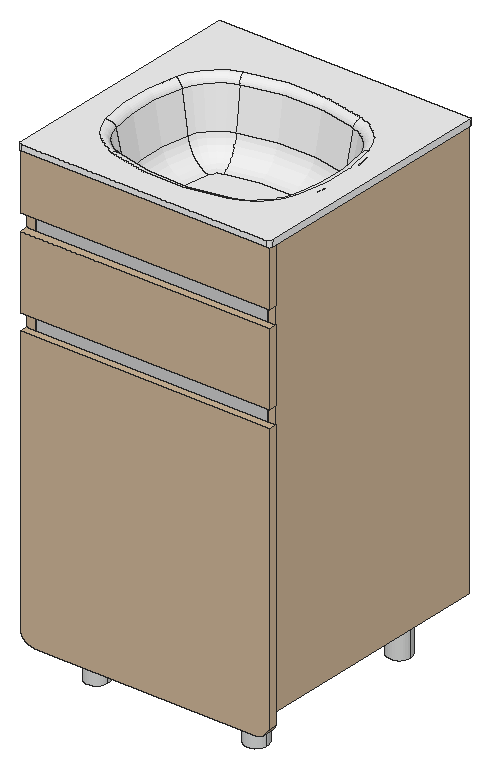
Revit family "604281711_Mueble Aluvia Miel 45X45", category Plumbing Fixtures, Revit 2019
Family settings
  Round Connector Dimension = Use Diameter
  Part Type = Normal
  OmniClass Number = 23.31.13.11
  OmniClass Title = Single Sinks
  Work Plane-Based = Yes
  Always vertical = Yes
  Cut with Voids When Loaded = No
  Shared = No
  Room Calculation Point = No
Parameters (values of type "Ref. 604281711 Mueble Aluvia Miel Con Lavamanos")
  Resistencia al rayado = "700 ciclos"  # constant formula
  Resistencia a la humedad = "8%"  # constant formula
  Profundidad = 430 mm
  Pieza en U = Corona_Poliestrieno_Gris
  Peso Neto aprox = "41 lb (18,6 kg)."  # constant formula
  Peso Bruto aprox = "43,4 lb (19,69 kg)."  # constant formula
  Garantia Madera = "1 año"  # constant formula
  URL = "https://corona.co/productos/muebles-para-banos/mueble-aluvia-a-piso/p/604281711"
  Dimensiones Generales (H * W * P) = "33,46” x 17,51” x 17,51” (850 x 445 x 445 mm)."  # constant formula
  Model = "Mueble aluvia miel LVM 45X45"  # constant formula
  Material Lavamanos = Corona_Cerámica_Sinterizada
  Manufacturer = "Corona"  # constant formula
  Material madera interior = Corona_Madera_Aglomerada_Plomo
  Material = Corona_Madera_Aglomerada_Miel
  Description = "La línea ALUVIA viene a entregar de manera asequible una solución perfecta que combina\r\ndiseño y funcionalidad, ALUVIA se inspira en el movimiento y caída del agua en la\r\nnaturaleza, es por ello de sus formas orgánicas donde podemos obtener un producto\r\ncompacto y de líneas fluidas, que se adapta en espacios pequeños.\r\nel pricipal benefico de los muebles de esta linea es ser un producto compacto que cuenta\r\ncon cajón y repisa brindándole al consumidor mayor capacidad de almacenamiento, como\r\nuna excelente solución para aquellos espacios pequeños.\r\n· Mueble compacto para espacios pequeños.\r\n· Lavamanos 100% en porcelana.\r\n· Grán capacidad de almacenamiento."  # constant formula
  Densidad = "15 mms 670 kg./m^3."  # constant formula
  Default Elevation = 1219.2 mm
  Date created = "08/07/2020"  # constant formula
  Created by = "IDD"  # constant formula
  Garantia Herrajes = "1 año"  # constant formula
  Carga máxima = "99,2 lb (45 kg)."  # constant formula
  Canto = "PVC rígido 2 mm de calibre."  # constant formula
  Patas = Corona_Acero
  Ancho = 445 mm
  Alto = 850 mm
Types (3, lengths in mm): name | Profundidad | URL | Material
  (no name) | 430 | "https://corona.co/productos/muebles-para-banos/mueble-aluvia-a-piso/p/604281711" | Corona_Madera_Aglomerada_Miel
  Ref. 604281711 Mueble Aluvia Miel Con Lavamanos | 430 | "https://corona.co/productos/muebles-para-banos/mueble-aluvia-a-piso/p/604281711" | Corona_Madera_Aglomerada_Miel
  Ref. 604286091 Mueble Aluvia Habano Con Lavamanos | 440 | 0 | Corona_Madera_Aglomerada_Habano
Reference planes
  plane 1 "Center (Front/Back)": y = 0
  plane 2: z = 0
  plane 3 "Center (Left/Right)": x = 0
  plane 4: x = -222.5
  plane 5: x = 222.5
  plane 6: y = -430
  plane 7: z = 719
  plane 8: z = 749
  plane 9: z = 850
  plane 10: z = 589
  plane 11: z = 559
  plane 12: z = 115
  plane 13: z = 100
  plane 14: y = -15
  plane 15: y = -445
  plane 16: x = 207.5
  plane 17: x = -207.5
  plane 18: z = 315
  plane 19: z = 485
  plane 20: z = 695.425
  plane 21: z = 594
  plane 22: z = 98
  plane 23: z = 59
  plane 24: x = -55
  plane 25: x = -207.5
  plane 26: x = 55
  plane 27: x = 169.5
  plane 28: y = -85
  plane 29: y = -100
  plane 30: x = -149.5
  plane 31: z = 609
  plane 32: z = 798.425
  plane 33: z = 470
  plane 34: z = 500
  plane 35: x = -169.5
  plane 36: x = 149.5
Forms (mm)
  Extrusion 1, solid, material "Corona_Madera_Aglomerada_Miel" <- "Material", detail levels medium+fine
    sketch origin (0, 0, 0) x (1, 0, 0) y (0, 1, 0)
      loop
        line (-222.5, 0) -> (-222.5, -430) -> (222.5, -430) -> (222.5, 0) -> (-222.5, 0)
    from 100 to 850
  Extrusion 2, void, detail levels medium+fine
    sketch origin (0, 0, 0) x (1, 0, 0) y (0, 1, 0)
      loop
        line (-207.5, 0) -> (-207.5, -430) -> (207.5, -430) -> (207.5, 0) -> (-207.5, 0)
    from 115 to 850
  Extrusion 3, solid, material "Corona_Madera_Aglomerada_Miel" <- "Material"
    sketch origin (0, 0, 0) x (1, 0, 0) y (0, 1, 0)
      loop
        line (222.5, -445) -> (222.5, -430) -> (-222.5, -430) -> (-222.5, -445) -> (222.5, -445)
    from 749 to 850
  Extrusion 4, solid, material "Corona_Madera_Aglomerada_Miel" <- "Material"
    sketch origin (0, 0, 0) x (1, 0, 0) y (0, 1, 0)
      loop
        line (-222.5, -430) -> (-222.5, -445) -> (222.5, -445) -> (222.5, -430) -> (-222.5, -430)
    from 589 to 719
  Extrusion 5, solid, material "Corona_Madera_Aglomerada_Miel" <- "Material"
    sketch origin (0, 0, 5) x (0, 1, 0) y (0, 0, 1)
      loop
        line (-15, 310) -> (-15, 325) -> (-420, 325) -> (-420, 310) -> (-15, 310)
    from -207.5 to 207.5
  Extrusion 6, solid, material "Corona_Madera_Aglomerada_Plomo" <- "Material madera interior"
    sketch origin (0, 5, 0) x (0, 1, 0) y (0, 0, 1)
      loop
        line (-435, 589) -> (-435, 485) -> (-425, 485) -> (-425, 589) -> (-435, 589)
    from -207.5 to 207.5
  Extrusion 7, solid, material "Corona_Madera_Aglomerada_Plomo" <- "Material madera interior"
    sketch origin (0, 20.2, 209.8) x (0, 1, 0) y (0, 0, 1)
      loop
        line (-450.2, 588.625) -> (-450.2, 485.625) -> (-440.2, 485.625) -> (-440.2, 588.625) -> (-450.2, 588.625)
    from -207.5 to 207.5
  Extrusion 8, solid, material "Corona_Madera_Aglomerada_Miel" <- "Material"
    sketch origin (0, 0, 0) x (0, 1, 0) y (0, 0, 1)
      loop
        line (-85, 609) -> (-430, 609) -> (-430, 594) -> (-85, 594) -> (-85, 609)
    from -169.5 to 169.5
  Extrusion 9, void
    sketch origin (0, 0, 0) x (1, 0, 0) y (0, 1, 0)
      loop
        line (-53, -85) -> (-53, -296.29)
        arc (-53, -296.29) -> (0, -349.29) -> (53, -296.29) r 53
        line (53, -296.29) -> (53, -85) -> (-53, -85)
    from 594 to 734.611
  Extrusion 10, solid, material "Corona_Acero" <- "Patas"
    sketch origin (0, 0, 0) x (1, 0, 0) y (0, 1, 0)
      loop
        line (-172.5, -25) -> (-172.5, -85) -> (-112.5, -85) -> (-112.5, -25) -> (-172.5, -25)
      loop
        line (-172.5, -405) -> (-112.5, -405) -> (-112.5, -345) -> (-172.5, -345) -> (-172.5, -405)
      loop
        line (172.5, -25) -> (112.5, -25) -> (112.5, -85) -> (172.5, -85) -> (172.5, -25)
      loop
        line (172.5, -405) -> (172.5, -345) -> (112.5, -345) -> (112.5, -405) -> (172.5, -405)
    from 98 to 100
  Extrusion 11, solid, material "Corona_Acero" <- "Patas"
    sketch origin (0, 0, 0) x (1, 0, 0) y (0, 1, 0)
      loop
        circle (-142.5, -55) r 20
      loop
        circle (-142.5, -375) r 20
      loop
        circle (142.5, -55) r 20
      loop
        circle (142.5, -375) r 20
    from 0 to 98
  Extrusion 12, solid, material "Corona_Madera_Aglomerada_Miel" <- "Material"
    sketch origin (0, 0, 0) x (1, 0, 0) y (0, 0, 1)
      loop
        line (222.5, 559) -> (-222.5, 559) -> (-222.5, 77.727)
        arc (-222.5, 77.727) -> (-212.63, 64.853) -> (-197.5, 59) r 30
        line (-197.5, 59) -> (197.5, 59)
        arc (197.5, 59) -> (212.63, 64.853) -> (222.5, 77.727) r 30
        line (222.5, 77.727) -> (222.5, 559)
    from 430 to 445
  Extrusion 13, solid, material "Corona_Madera_Aglomerada_Miel" <- "Material"
    sketch origin (0, 0, -130.4) x (0, 1, 0) y (0, 0, 1)
      loop
        line (-330, 615.4) -> (-430, 615.4) -> (-430, 600.4) -> (-330, 600.4) -> (-330, 615.4)
    from -207.5 to 207.5
  Extrusion 14, solid, material "Corona_Madera_Aglomerada_Miel" <- "Material"
    sketch origin (-331.024, 9.8, 44.8) x (0, 1, 0) y (0, 0, 1)
      loop
        line (-94.8, 650.625) -> (-439.8, 650.625) -> (-439.8, 564.2) -> (-94.8, 564.2) -> (-94.8, 650.625)
    from 161.524 to 176.524
  Extrusion 15, solid, material "Corona_Madera_Aglomerada_Miel" <- "Material", detail levels coarse
    sketch origin (0, 0, 0) x (1, 0, 0) y (0, 1, 0)
      loop
        line (-222.5, -445) -> (222.5, -445) -> (222.5, 0) -> (-222.5, 0) -> (-222.5, -445)
    from 0 to 860
  Extrusion 16, solid, material "Corona_Madera_Aglomerada_Miel" <- "Material"
    sketch origin (331.024, 9.8, 44.8) x (0, 1, 0) y (0, 0, -1)
      loop
        line (-94.8, -650.625) -> (-94.8, -564.2) -> (-439.8, -564.2) -> (-439.8, -650.625) -> (-94.8, -650.625)
    from 161.524 to 176.524
  Extrusion 17, solid, material "Corona_Madera_Aglomerada_Miel" <- "Material"
    sketch origin (305.824, 9.8, 44.6) x (0, 1, 0) y (0, 0, -1)
      loop
        line (-94.8, -650.825) -> (-94.8, -564.4) -> (-109.8, -564.4) -> (-109.8, -650.825) -> (-94.8, -650.825)
    from 151.324 to 250.824
  Extrusion 18, solid, material "Corona_Madera_Aglomerada_Miel" <- "Material"
    sketch origin (-313.824, 9.8, 44.6) x (0, 1, 0) y (0, 0, 1)
      loop
        line (-94.8, 650.825) -> (-109.8, 650.825) -> (-109.8, 564.4) -> (-94.8, 564.4) -> (-94.8, 650.825)
    from 159.324 to 258.824
  Extrusion 19, solid, material "Corona_Poliestrieno_Gris" <- "Pieza en U"
    sketch origin (0, 0, 0) x (1, 0, 0) y (0, 1, 0)
      loop
        line (-53, -85) -> (-55, -85) -> (-55, -296.29)
        arc (-55, -296.29) -> (0, -351.29) -> (55, -296.29) r 55
        line (55, -296.29) -> (55, -85) -> (53, -85) -> (53, -296.29)
        arc (53, -296.29) -> (0, -349.29) -> (-53, -296.29) r 53
        line (-53, -296.29) -> (-53, -85)
    from 609 to 695.425
Cuts and joins
  Extrusion 2, Extrusion 9 cuts Extrusion 1
  Extrusion 9 cuts Extrusion 5
  Extrusion 9 cuts Extrusion 8
Dimensions and locks
  equal spacing: plane 4, plane 3 "Center (Left/Right)", plane 5
  plane 15 to plane 1 "Center (Front/Back)" = 445 mm  (x2)
  "Ancho": plane 4 to plane 5
  plane 13 to plane 12 = 15 mm
  Extrusion 13 to plane 12 = 355 mm
  level to plane 13 = 100 mm
  level to plane 23 = 59 mm
  plane 12 to plane 18 = 200 mm
  plane 15 to plane 6 = 15 mm  (x2)
  plane 4 to plane 17 = 15 mm
  plane 13 to level = 100 mm  (x2)
  plane 18 to plane 12 = 200 mm  (x2)
  plane 12 to Extrusion 13 = 355 mm
  plane 9 to plane 8 = 101 mm
  plane 8 to plane 7 = 30 mm
  plane 10 to plane 7 = 130 mm
  plane 10 to plane 11 = 30 mm
  Extrusion 3 to plane 28 = 345 mm
  "Alto": plane 9 to level
  plane 23 to level = 59 mm
  plane 17 to plane 16 = 415 mm
  plane 16 to plane 5 = 15 mm
  plane 24 to plane 26 = 110 mm
  plane 25 to plane 27 = 377 mm  (x2)
  plane 20 to plane 31 = 86.425 mm
  plane 1 "Center (Front/Back)" to plane 15 = 445 mm
  plane 28 to plane 6 = 345 mm
  plane 16 to plane 17 = 415 mm
  plane 32 to plane 20 = 103 mm
  plane 34 to level = 500 mm
  plane 29 to plane 28 = 15 mm
  plane 30 to plane 24 = 94.5 mm
  plane 26 to plane 36 = 94.5 mm
  aligned and locked: level to plane 2
  aligned and locked: plane 1 "Center (Front/Back)" to Extrusion 1 sketch curve
  aligned and locked: Extrusion 1 sketch curve to plane 5
  aligned and locked: plane 6 to Extrusion 1 sketch curve
  aligned and locked: plane 4 to Extrusion 1 sketch curve
  aligned and locked: Extrusion 3 to cut or joined group of Extrusion 1, Extrusion 2, Extrusion 9
  aligned and locked: Extrusion 3 to plane 8
  aligned and locked: Extrusion 4 to plane 7
  aligned and locked: Extrusion 4 to plane 10
  aligned and locked: Extrusion 2 to plane 12
  aligned and locked: Extrusion 2 to plane 6
  aligned and locked: plane 17 to Extrusion 2
  aligned and locked: plane 16 to Extrusion 2
  aligned and locked: cut or joined group of Extrusion 1, Extrusion 2, Extrusion 9 to Extrusion 5  (x2)
  aligned and locked: cut or joined group of Extrusion 1, Extrusion 2, Extrusion 9 to Extrusion 6  (x2)
  aligned and locked: Extrusion 9 to plane 21
  aligned and locked: Extrusion 1 to plane 13
  aligned and locked: Extrusion 10 to cut or joined group of Extrusion 1, Extrusion 2, Extrusion 9
  aligned and locked: Extrusion 10 to plane 22
  aligned and locked: Extrusion 11 to Extrusion 10
  aligned and locked: Extrusion 11 to level
  aligned and locked: plane 11 to Extrusion 12
  aligned and locked: Extrusion 12 to Extrusion 4
  aligned and locked: plane 6 to Extrusion 12
  aligned and locked: Extrusion 4 to Extrusion 3
  aligned and locked: plane 15 to Extrusion 3
  aligned and locked: Extrusion 8 to plane 27
  aligned and locked: plane 31 to cut or joined group of Extrusion 8, Extrusion 9
  aligned and locked: plane 9 to Extrusion 3
  aligned and locked: Extrusion 5 to plane 18
  aligned and locked: Extrusion 12 to plane 23
  aligned and locked: Extrusion 7 to plane 20
  aligned and locked: plane 32 to Extrusion 7
  aligned and locked: plane 10 to Extrusion 6
  aligned and locked: Extrusion 15 sketch curve to plane 4
  aligned and locked: plane 1 "Center (Front/Back)" to Extrusion 15 sketch curve
  aligned and locked: plane 15 to Extrusion 15 sketch curve
  aligned and locked: plane 5 to Extrusion 15 sketch curve
  aligned and locked: plane 17 to Extrusion 5
  aligned and locked: plane 16 to Extrusion 5
  aligned and locked: Extrusion 12 to plane 4
  aligned and locked: plane 5 to Extrusion 12
  aligned and locked: Extrusion 15 to level
  aligned and locked: nested 1 to Extrusion 15
  aligned and locked: plane 9 to cut or joined group of Extrusion 1, Extrusion 2, Extrusion 9
  aligned and locked: Extrusion 8 to plane 21
  aligned and locked: Extrusion 8 to Extrusion 9
  aligned and locked: plane 20 to Extrusion 14
  aligned and locked: cut or joined group of Extrusion 1, Extrusion 2, Extrusion 9 to Extrusion 7  (x2)
  aligned and locked: Extrusion 4 to Extrusion 6
  aligned and locked: plane 22 to Extrusion 11
  aligned and locked: Extrusion 9 to Extrusion 8
  aligned and locked: Extrusion 8 to Extrusion 14  (x2)
  aligned and locked: Extrusion 8 to plane 6
  aligned and locked: cut or joined group of Extrusion 1, Extrusion 2, Extrusion 9 to Extrusion 13
  aligned and locked: Extrusion 6 to Extrusion 13
  aligned and locked: plane 19 to Extrusion 13
  aligned and locked: plane 33 to Extrusion 13
  aligned and locked: plane 29 to Extrusion 18
  aligned and locked: plane 29 to Extrusion 17
  aligned and locked: Extrusion 8 to plane 28
  aligned and locked: plane 24 to Extrusion 19
  aligned and locked: Extrusion 18 to plane 24
  aligned and locked: plane 26 to Extrusion 17
  aligned and locked: Extrusion 14 to plane 35
  aligned and locked: Extrusion 16 to plane 27
Automatic sketch dimensions
  Extrusion 2 sketch curve to plane 6 = 0 mm
  Extrusion 2 sketch curve to plane 17 = 0 mm
  Extrusion 2 sketch curve to plane 16 = 0 mm
  plane 1 "Center (Front/Back)" to Extrusion 2 sketch curve = 0 mm
  Extrusion 3 sketch curve to plane 4 = 0 mm
  Extrusion 3 sketch curve to plane 5 = 0 mm
  plane 15 to Extrusion 3 sketch curve = 0 mm
  Extrusion 3 sketch curve to plane 6 = 0 mm
  Extrusion 4 sketch curve to plane 4 = 0 mm
  Extrusion 4 sketch curve to plane 5 = 0 mm
  plane 15 to Extrusion 4 sketch curve = 0 mm
  Extrusion 4 sketch curve to plane 6 = 0 mm
  Extrusion 5 sketch curve to plane 18 = 0 mm
  Extrusion 5 sketch curve to plane 14 = 0 mm
  plane 6 to Extrusion 5 sketch curve = 10 mm
  Extrusion 5 sketch curve to Extrusion 5 sketch curve = 15 mm
  Extrusion 6 sketch curve to plane 6 = 0 mm
  Extrusion 6 sketch curve to plane 10 = 0 mm
  Extrusion 6 sketch curve to plane 19 = 0 mm
  plane 6 to Extrusion 6 sketch curve = 10 mm
  Extrusion 7 sketch curve to plane 6 = 0 mm
  Extrusion 7 sketch curve to plane 32 = 0 mm
  Extrusion 7 sketch curve to plane 20 = 0 mm
  plane 6 to Extrusion 7 sketch curve = 10 mm
  Extrusion 8 sketch curve to plane 6 = 0 mm
  Extrusion 8 sketch curve to plane 21 = 0 mm
  Extrusion 8 sketch curve to plane 28 = 0 mm
  Extrusion 8 sketch curve to plane 31 = 0 mm
  Extrusion 9 sketch curve to plane 28 = 0 mm
  Extrusion 9 sketch curve to plane 3 "Center (Left/Right)" = 0 mm
  Extrusion 9 sketch curve to plane 24 = 2 mm
  plane 6 to Extrusion 9 sketch curve = 133.71 mm
  Extrusion 12 sketch curve to plane 4 = 0 mm
  Extrusion 12 sketch curve to plane 23 = 0 mm
  Extrusion 12 sketch curve to plane 5 = 0 mm
  Extrusion 12 sketch curve to plane 11 = 0 mm
  Extrusion 12 sketch curve to plane 17 = 10 mm
  Extrusion 12 sketch curve to plane 22 = 9.136 mm  (x2)
  plane 4 to Extrusion 12 sketch curve = 27.856 mm
  Extrusion 12 sketch curve to plane 5 = 27.856 mm
  Extrusion 12 sketch curve to plane 16 = 10 mm
  Extrusion 13 sketch curve to plane 6 = 0 mm
  Extrusion 13 sketch curve to plane 33 = 0 mm
  Extrusion 13 sketch curve to plane 19 = 0 mm
  Extrusion 13 sketch curve to Extrusion 13 sketch curve = 100 mm
  Extrusion 14 sketch curve to plane 6 = 0 mm
  Extrusion 14 sketch curve to plane 28 = 0 mm
  Extrusion 14 sketch curve to plane 31 = 0 mm
  plane 20 to Extrusion 14 sketch curve = 0 mm
  Extrusion 16 sketch curve to plane 6 = 0 mm
  Extrusion 16 sketch curve to plane 28 = 0 mm
  Extrusion 16 sketch curve to plane 20 = 0 mm
  Extrusion 16 sketch curve to plane 31 = 0 mm
  plane 6 to Extrusion 17 sketch curve = 330 mm
  Extrusion 17 sketch curve to plane 28 = 0 mm
  Extrusion 17 sketch curve to plane 20 = 0 mm
  Extrusion 17 sketch curve to plane 31 = 0 mm
  plane 6 to Extrusion 18 sketch curve = 330 mm
  Extrusion 18 sketch curve to plane 28 = 0 mm
  Extrusion 18 sketch curve to plane 31 = 0 mm
  Extrusion 18 sketch curve to plane 20 = 0 mm
  plane 28 to Extrusion 19 sketch curve = 0 mm  (x2)
  Extrusion 19 sketch curve to plane 3 "Center (Left/Right)" = 0 mm
  Extrusion 19 sketch curve to plane 24 = 2 mm
  plane 6 to Extrusion 19 sketch curve = 133.71 mm
  Extrusion 19 sketch curve to Extrusion 19 sketch curve = 0 mm  (x2)
  Extrusion 19 sketch curve to plane 24 = 0 mm
  Extrusion 11 sketch curve to plane 30 = 7 mm  (x2)
  Extrusion 11 sketch curve to plane 36 = 7 mm  (x2)
  plane 6 to Extrusion 11 sketch curve = 55 mm  (x2)
  Extrusion 11 sketch curve to plane 28 = 30 mm  (x2)
  plane 28 to Extrusion 10 sketch curve = 0 mm  (x2)
  Extrusion 10 sketch curve to plane 35 = 3 mm  (x2)
  Extrusion 10 sketch curve to plane 30 = 37 mm  (x2)
  Extrusion 10 sketch curve to plane 36 = 37 mm  (x2)
  Extrusion 10 sketch curve to plane 14 = 10 mm  (x2)
  Extrusion 10 sketch curve to plane 27 = 3 mm  (x2)
  plane 6 to Extrusion 10 sketch curve = 85 mm  (x2)
  plane 6 to Extrusion 10 sketch curve = 25 mm  (x2)
  radius of Extrusion 11 sketch curve = 20 mm  (x4)
Nested families
  nested 1: "Lavamanos_Aluvia" at (0, 3.157, 850), type "Lavamanos_Aluvia", detail levels medium+fine
  nested 2: "Family11" at (0, 0, 0), type "Family11"
  nested 3: "Family1" at (0, 0, 0) x (1, 0, 0) z (0, -1, 0), type "Family1"
  nested 4: "Family2" at (0, -222.5, 0) x (0, 1, 0) z (1, 0, 0), type "Family2"
Definition of nested family "Lavamanos_Aluvia"
  Parameters (values of type "Lavamanos_Aluvia")
    Width = 450 mm
    Material Lavamanos = none
    Height = 122 mm
    Depth = 450 mm
    Date Created = "08/07/2020"  # constant formula
    Created by = "IDD"  # constant formula
  Reference planes
    plane 1 "Center (Front/Back)": y = 0
    plane 2: z = 0
    plane 3 "Center (Left/Right)": x = 0
    plane 4: y = -450
    plane 5: x = 225
    plane 6: x = -225
    plane 7: z = 10
    plane 8: z = -112
  Forms (mm)
    Extrusion 1, solid, material <- "Material Lavamanos"
      sketch origin (0, 0, 0) x (1, 0, 0) y (0, 1, 0)
        loop
          arc (-222.603, 0) -> (-224.013, -0.987) -> (-225, -2.397) r 4.953
          line (-225, -2.397) -> (-225, -443.917)
          arc (-225, -443.917) -> (-223.218, -448.218) -> (-218.917, -450) r 6.083
          line (-218.917, -450) -> (218.917, -450)
          arc (218.917, -450) -> (223.218, -448.218) -> (225, -443.917) r 6.083
          line (225, -443.917) -> (225, -2.397)
          arc (225, -2.397) -> (224.013, -0.987) -> (222.603, 0) r 4.953
          line (222.603, 0) -> (-222.603, 0)
        loop
          arc (-106.389, -388.635) -> (-1.549, -405.801) -> (103.665, -391.099) r 354.127
          arc (103.665, -391.099) -> (146.466, -365.335) -> (171.463, -322.081) r 100
          arc (171.463, -322.081) -> (182.378, -242.183) -> (171.463, -162.286) r 297.871
          arc (171.463, -162.286) -> (146.466, -119.032) -> (103.665, -93.267) r 100
          arc (103.665, -93.267) -> (-1.549, -78.565) -> (-106.389, -95.732) r 354.127
          arc (-106.389, -95.732) -> (-148.087, -121.977) -> (-172.191, -164.948) r 100
          arc (-172.191, -164.948) -> (-182.378, -242.183) -> (-172.191, -319.419) r 297.871
          arc (-172.191, -319.419) -> (-148.087, -362.39) -> (-106.389, -388.635) r 100
      from 0 to 10
    Sweep 2, solid, material <- "Material Lavamanos"
      path origin (0, 0, 10) x (1, 0, 0) y (0, 1, 0)
        loop
          arc (-106.389, -95.732) -> (-148.087, -121.977) -> (-172.191, -164.948) r 100
          arc (-172.191, -164.948) -> (-182.378, -242.183) -> (-172.191, -319.419) r 297.871
          arc (-172.191, -319.419) -> (-148.087, -362.39) -> (-106.389, -388.635) r 100
          arc (-106.389, -388.635) -> (-1.549, -405.801) -> (103.665, -391.099) r 354.127
          arc (103.665, -391.099) -> (146.466, -365.335) -> (171.463, -322.081) r 100
          arc (171.463, -322.081) -> (182.378, -242.183) -> (171.463, -162.286) r 297.871
          arc (171.463, -162.286) -> (146.466, -119.032) -> (103.665, -93.267) r 100
          arc (103.665, -93.267) -> (-1.549, -78.565) -> (-106.389, -95.732) r 354.127
      profile origin (-1.549, -78.565, 10) x (-0.011731, 0.999931, 0) y (0, 0, 1)
        loop
          line (-14.72, -12.118) -> (-28.327, -81.608)
          arc (-28.327, -81.608) -> (-45.617, -110.603) -> (-77.395, -122) r 50
          line (-77.395, -122) -> (-77.395, -132)
          arc (-77.395, -132) -> (-39.262, -118.324) -> (-18.513, -83.529) r 60
          line (-18.513, -83.529) -> (-4.907, -14.039)
          arc (-4.907, -14.039) -> (-3.178, -11.14) -> (0, -10) r 5
          line (0, -10) -> (0, 0)
          arc (0, 0) -> (-9.533, -3.419) -> (-14.72, -12.118) r 15
    Extrusion 3, solid, material <- "Material Lavamanos"
      sketch origin (0, 0, 0) x (1, 0, 0) y (0, 1, 0)
        loop
          arc (-82.568, -169.369) -> (-91.994, -175.302) -> (-97.443, -185.016) r 22.605
          arc (-97.443, -185.016) -> (-104.983, -242.183) -> (-97.443, -299.351) r 220.476
          arc (-97.443, -299.351) -> (-91.994, -309.064) -> (-82.568, -314.997) r 22.605
          arc (-82.568, -314.997) -> (-0.641, -328.412) -> (81.578, -316.923) r 276.732
          arc (81.578, -316.923) -> (91.253, -311.099) -> (96.904, -301.321) r 22.605
          arc (96.904, -301.321) -> (104.983, -242.183) -> (96.904, -183.045) r 220.476
          arc (96.904, -183.045) -> (91.253, -173.268) -> (81.578, -167.444) r 22.605
          arc (81.578, -167.444) -> (-0.641, -155.955) -> (-82.568, -169.369) r 276.732
      from -122 to -112
    Extrusion 4, void
      sketch origin (0, 0, 0) x (1, 0, 0) y (0, 1, 0)
        loop
          circle (0, -242.183) r 21.75
      from -167.798 to -32.448
    Extrusion 5, solid, material <- "Material Lavamanos"
      sketch origin (0, 0, 0) x (1, 0, 0) y (0, 1, 0)
        loop
          circle (0, -242.183) r 21.75
      from -129.568 to -122
  Cuts and joins
    Extrusion 4 cuts Extrusion 1
    Extrusion 4 cuts Sweep 2
    Extrusion 4 cuts Extrusion 3
    joined: Extrusion 1, Sweep 2, Extrusion 3
  Dimensions and locks
    equal spacing: plane 6, plane 3 "Center (Left/Right)", plane 5
    "Width": plane 6 to plane 5
    "Depth": plane 4 to plane 1 "Center (Front/Back)"
    level to plane 7 = 10 mm
    "Height": plane 8 to plane 7
    aligned and locked: level to plane 2
    aligned and locked: plane 1 "Center (Front/Back)" to Extrusion 1 sketch curve
    aligned and locked: plane 4 to Extrusion 1 sketch curve
    aligned and locked: Extrusion 1 sketch curve to plane 5
    aligned and locked: plane 6 to Extrusion 1 sketch curve
  Automatic sketch dimensions
    plane 6 to Extrusion 1 sketch curve = 2.397 mm
    plane 6 to Extrusion 1 sketch curve = 4.489 mm
    plane 6 to Extrusion 1 sketch curve = 6.083 mm
    plane 6 to Extrusion 1 sketch curve = 109.507 mm
    Extrusion 1 sketch curve to Extrusion 1 sketch curve = 39.882 mm
    Extrusion 1 sketch curve to plane 3 "Center (Left/Right)" = 75.611 mm
    plane 3 "Center (Left/Right)" to Extrusion 1 sketch curve = 2.605 mm  (x2)
    plane 3 "Center (Left/Right)" to Extrusion 1 sketch curve = 75.127 mm  (x2)
    Extrusion 1 sketch curve to Extrusion 1 sketch curve = 40.365 mm
    Extrusion 1 sketch curve to plane 5 = 6.083 mm
    Extrusion 1 sketch curve to plane 5 = 4.489 mm
    Extrusion 1 sketch curve to plane 5 = 2.397 mm
    plane 4 to Extrusion 1 sketch curve = 17.332 mm
    plane 4 to Extrusion 1 sketch curve = 154.742 mm
    Extrusion 1 sketch curve to Extrusion 1 sketch curve = 1.768 mm
    Extrusion 1 sketch curve to Extrusion 1 sketch curve = 53.075 mm  (x2)
    Extrusion 1 sketch curve to Extrusion 1 sketch curve = 51.306 mm  (x2)
    plane 1 "Center (Front/Back)" to Extrusion 1 sketch curve = 51.699 mm
    plane 1 "Center (Front/Back)" to Extrusion 1 sketch curve = 4.489 mm  (x2)
    plane 6 to Extrusion 1 sketch curve = 52.809 mm
    Extrusion 1 sketch curve to Extrusion 1 sketch curve = 0 mm  (x7)
    Sweep 2 sketch curve to Extrusion 1 = 95.732 mm
    Sweep 2 sketch curve to Extrusion 1 = 53.537 mm  (x2)
    Sweep 2 sketch curve to Extrusion 1 = 109.507 mm
    Sweep 2 sketch curve to Sweep 2 sketch curve = 0 mm  (x8)
    Sweep 2 sketch curve to Sweep 2 sketch curve = 96.336 mm
    Sweep 2 sketch curve to Sweep 2 sketch curve = 67.798 mm
    Sweep 2 sketch curve to Extrusion 1 = 51.699 mm
    Sweep 2 sketch curve to Sweep 2 sketch curve = 108.994 mm
    Sweep 2 sketch curve to Sweep 2 sketch curve = 39.882 mm
    Sweep 2 sketch curve to Extrusion 1 = 52.809 mm  (x2)
    Sweep 2 sketch curve to Sweep 2 sketch curve = 40.365 mm
    Sweep 2 sketch curve to profile plane = 0 mm
    profile plane to Sweep 2 sketch curve = 0 mm
    profile plane to Sweep 2 sketch curve = 4.907 mm
    Sweep 2 sketch curve to profile plane = 12.118 mm
    Sweep 2 sketch curve to Sweep 2 sketch curve = 9.814 mm  (x2)
    profile plane to Sweep 2 sketch curve = 18.513 mm
    Sweep 2 sketch curve to Sweep 2 sketch curve = 49.068 mm
    Sweep 2 sketch curve to profile plane = 72 mm
    Sweep 2 sketch curve to Sweep 2 sketch curve = 9.608 mm
    Sweep 2 sketch curve to Sweep 2 sketch curve = 1.922 mm
    Sweep 2 sketch curve to Sweep 2 sketch curve = 0.961 mm
    plane 3 "Center (Left/Right)" to Extrusion 3 sketch curve = 2.605 mm  (x2)
    plane 3 "Center (Left/Right)" to Extrusion 3 sketch curve = 75.127 mm
    plane 4 to Extrusion 3 sketch curve = 17.332 mm
    plane 1 "Center (Front/Back)" to Extrusion 3 sketch curve = 189.109 mm
    Extrusion 3 sketch curve to plane 3 "Center (Left/Right)" = 82.568 mm
    Extrusion 3 sketch curve to Extrusion 3 sketch curve = 6.451 mm
    Extrusion 3 sketch curve to Extrusion 3 sketch curve = 0 mm  (x7)
    Extrusion 3 sketch curve to Extrusion 3 sketch curve = 15.326 mm  (x2)
    Extrusion 3 sketch curve to Extrusion 3 sketch curve = 32.924 mm  (x2)
    plane 3 "Center (Left/Right)" to Extrusion 3 sketch curve = 96.904 mm
    Extrusion 3 sketch curve to Extrusion 3 sketch curve = 21.777 mm
    Extrusion 3 sketch curve to Extrusion 3 sketch curve = 6.957 mm
    Extrusion 3 sketch curve to Extrusion 3 sketch curve = 14.874 mm  (x2)
    Extrusion 3 sketch curve to Extrusion 3 sketch curve = 18.589 mm
    Extrusion 4 sketch curve to Extrusion 4 sketch curve = 0 mm  (x2)
    Extrusion 4 sketch curve to plane 3 "Center (Left/Right)" = 0 mm
    plane 4 to Extrusion 4 sketch curve = 207.817 mm
    Extrusion 4 sketch curve to plane 3 "Center (Left/Right)" = 21.75 mm
    Extrusion 5 sketch curve to Extrusion 5 sketch curve = 0 mm  (x2)
    Extrusion 5 sketch curve to plane 3 "Center (Left/Right)" = 0 mm
    plane 4 to Extrusion 5 sketch curve = 207.817 mm
    Extrusion 5 sketch curve to plane 3 "Center (Left/Right)" = 21.75 mm
    radius of Sweep 2 sketch curve to Extrusion 1 = 0 mm  (x2)
  Connectors
    piping at (0, -242.183, -129.568), diameter 350
      settings: on Extrusion 5, index 1, connector inside diameter 609.6 mm, connector length 0 mm, flow factor 0, pipe flow 0.0 L/s, pressure drop 0.0 Pa, fitting loss kfactor 0, connector angle 0.00°, fixture units 0, engagement length 0 mm, angle of deflection 0.00°, flow configuration 0, flow direction 0, fitting loss method 0, system type 7, joint type 0, gender type 0, connector reference index -1, connector utility 0, adjustable connector no, is connector primary yes, connector description ""
Definition of nested family "Family11"
  Reference planes
    plane 1 "Center (Front/Back)": y = 0
    plane 2: z = 0
    plane 3 "Center (Left/Right)": x = 0
  Lines and regions (mm)
    detail lines, in view "Ref. Level"
      curve 1: line (-222.5, -445, 0) -> (222.5, -445, 0)
      curve 2: line (-222.5, 0, 0) -> (-222.5, -445, 0)
      curve 3: line (222.5, 0, 0) -> (-222.5, 0, 0)
      curve 4: line (222.5, -445, 0) -> (222.5, 0, 0)
      curve 5: line (-172.5, -25, 0) -> (-112.5, -25, 0)
      curve 6: line (-172.5, -85, 0) -> (-172.5, -25, 0)
      curve 7: line (-112.5, -85, 0) -> (-172.5, -85, 0)
      curve 8: line (-112.5, -25, 0) -> (-112.5, -85, 0)
      curve 9: line (172.5, -25, 0) -> (112.5, -25, 0)
      curve 10: line (172.5, -85, 0) -> (172.5, -25, 0)
      curve 11: line (112.5, -85, 0) -> (172.5, -85, 0)
      curve 12: line (112.5, -25, 0) -> (112.5, -85, 0)
      curve 13: line (-172.5, -405, 0) -> (-112.5, -405, 0)
      curve 14: line (-172.5, -345, 0) -> (-172.5, -405, 0)
      curve 15: line (-112.5, -345, 0) -> (-172.5, -345, 0)
      curve 16: line (-112.5, -405, 0) -> (-112.5, -345, 0)
      curve 17: line (172.5, -405, 0) -> (112.5, -405, 0)
      curve 18: line (172.5, -345, 0) -> (172.5, -405, 0)
      curve 19: line (112.5, -345, 0) -> (172.5, -345, 0)
      curve 20: line (112.5, -405, 0) -> (112.5, -345, 0)
      curve 21: arc (-162.5, -55, 0) -> (-142.5, -75, 0) -> (-122.5, -55, 0) r 20
      curve 22: arc (-122.5, -55, 0) -> (-142.5, -35, 0) -> (-162.5, -55, 0) r 20
      curve 23: arc (162.5, -55, 0) -> (142.5, -35, 0) -> (122.5, -55, 0) r 20
      curve 24: arc (122.5, -55, 0) -> (142.5, -75, 0) -> (162.5, -55, 0) r 20
      curve 25: arc (-162.5, -375, 0) -> (-142.5, -395, 0) -> (-122.5, -375, 0) r 20
      curve 26: arc (-122.5, -375, 0) -> (-142.5, -355, 0) -> (-162.5, -375, 0) r 20
      curve 27: arc (162.5, -375, 0) -> (142.5, -355, 0) -> (122.5, -375, 0) r 20
      curve 28: arc (122.5, -375, 0) -> (142.5, -395, 0) -> (162.5, -375, 0) r 20
      curve 29: line (-222.5, -430, 0) -> (222.5, -430, 0)
      curve 30: line (-207.5, -420, 0) -> (207.5, -420, 0)
      curve 31: line (-207.5, -15, 0) -> (-207.5, -420, 0)
      curve 32: line (207.5, -420, 0) -> (207.5, -15, 0)
      curve 33: line (207.5, -15, 0) -> (-207.5, -15, 0)
      curve 34: line (112.5, -85, 0) -> (53, -85, 0)
      curve 35: line (-53, -85, 0) -> (-112.5, -85, 0)
      curve 36: arc (-53, -296.29, 0) -> (0, -349.29, 0) -> (53, -296.29, 0) r 53
      curve 37: line (53, -296.29, 0) -> (53, -85, 0)
      curve 38: line (-53, -85, 0) -> (-53, -296.29, 0)
Definition of nested family "Family1"
  Reference planes
    plane 1 "Center (Front/Back)": y = 0
    plane 2: z = 0
    plane 3 "Center (Left/Right)": x = 0
  Lines and regions (mm)
    detail lines, in view "Ref. Level"
      curve 1: line (-207.5, 59, 0) -> (207.5, 59, 0)
      curve 2: line (222.5, 74, 0) -> (222.5, 850, 0)
      curve 3: line (222.5, 850, 0) -> (-222.5, 850, 0)
      curve 4: line (-222.5, 850, 0) -> (-222.5, 74, 0)
      curve 5: line (-222.5, 100, 0) -> (222.5, 100, 0)
      curve 6: line (-207.5, 115, 0) -> (207.5, 115, 0)
      curve 7: line (-207.5, 315, 0) -> (207.5, 315, 0)
      curve 8: line (-207.5, 330, 0) -> (207.5, 330, 0)
      curve 9: line (-207.5, 850, 0) -> (-207.5, 115, 0)
      curve 10: line (207.5, 115, 0) -> (207.5, 850, 0)
      curve 11: line (-207.5, 470, 0) -> (207.5, 470, 0)
      curve 12: line (-207.5, 485, 0) -> (207.5, 485, 0)
      curve 13: line (-182.5, 0, 0) -> (-182.5, 100, 0)
      curve 14: line (-142.5, 0, 0) -> (-182.5, 0, 0)
      curve 15: line (-142.5, 100, 0) -> (-142.5, 0, 0)
      curve 16: line (182.5, 0, 0) -> (182.5, 100, 0)
      curve 17: line (142.5, 0, 0) -> (182.5, 0, 0)
      curve 18: line (142.5, 100, 0) -> (142.5, 0, 0)
      curve 19: line (-132.5, -92.312, 0) -> (-132.5, -92.312, -30)
      curve 20: line (132.5, -92.312, 0) -> (132.5, -92.312, -30)
      curve 21: line (172.5, -92.312, 0) -> (172.5, -92.312, -30)
      curve 22: arc (-222.5, 74, 0) -> (-216.37, 65.13, 0) -> (-207.5, 59, 0) r 30
      curve 23: arc (222.5, 74, 0) -> (216.37, 65.13, 0) -> (207.5, 59, 0) r 30
      curve 24: line (-222.5, 589, 0) -> (222.5, 589, 0)
      curve 25: line (-222.5, 559, 0) -> (222.5, 559, 0)
      curve 26: line (-169.5, 609, 0) -> (169.5, 609, 0)
      curve 27: line (-207.5, 695, 0) -> (207.5, 695, 0)
      curve 28: line (-169.5, 695, 0) -> (-169.5, 594, 0)
      curve 29: line (169.5, 695, 0) -> (169.5, 594, 0)
      curve 30: line (-169.5, 594, 0) -> (169.5, 594, 0)
      curve 31: line (-154.5, 695, 0) -> (-154.5, 609, 0)
      curve 32: line (154.5, 695, 0) -> (154.5, 609, 0)
      curve 33: line (0, 695, 0) -> (0, 594, 0)
      curve 34: line (55, 695, 0) -> (55, 594, 0)
      curve 35: line (-55, 695, 0) -> (-55, 594, 0)
      curve 36: line (-207.5, 798, 0) -> (207.5, 798, 0)
      curve 37: line (222.5, 749, 0) -> (-222.5, 749, 0)
Definition of nested family "Family2"
  Reference planes
    plane 1 "Center (Front/Back)": y = 0
    plane 2: z = 0
    plane 3 "Center (Left/Right)": x = 0
  Lines and regions (mm)
    detail lines, in view "Ref. Level"
      curve 1: line (-222.5, 59, 0) -> (-207.5, 59, 0)
      curve 2: line (-222.5, 100, 0) -> (222.5, 100, 0)
      curve 3: line (222.5, 100, 0) -> (222.5, 850, 0)
      curve 4: line (222.5, 850, 0) -> (-222.5, 850, 0)
      curve 5: line (-222.5, 850, 0) -> (-222.5, 59, 0)
      curve 6: line (-207.5, 59, 0) -> (-207.5, 850, 0)
      curve 7: line (-207.5, 115, 0) -> (222.5, 115, 0)
      curve 8: line (-197.5, 315, 0) -> (222.5, 315, 0)
      curve 9: line (-197.5, 330, 0) -> (222.5, 330, 0)
      curve 10: line (-197.5, 330, 0) -> (-197.5, 315, 0)
      curve 11: line (-207.5, 470, 0) -> (-107.5, 470, 0)
      curve 12: line (-207.5, 485, 0) -> (-107.5, 485, 0)
      curve 13: line (-107.5, 485, 0) -> (-107.5, 470, 0)
      curve 14: line (-174.5, 100, 0) -> (-174.5, 0, 0)
      curve 15: line (-174.5, 0, 0) -> (-134.5, 0, 0)
      curve 16: line (-134.5, 0, 0) -> (-134.5, 100, 0)
      curve 17: line (187.5, 100, 0) -> (187.5, 0, 0)
      curve 18: line (187.5, 0, 0) -> (147.5, 0, 0)
      curve 19: line (147.5, 0, 0) -> (147.5, 100, 0)
      curve 20: line (-207.5, 749, 0) -> (-222.5, 749, 0)
      curve 21: line (-207.5, 719, 0) -> (-222.5, 719, 0)
      curve 22: line (-207.5, 589, 0) -> (-222.5, 589, 0)
      curve 23: line (-207.5, 559, 0) -> (-222.5, 559, 0)
      curve 24: line (-197.5, 485, 0) -> (-197.5, 589, 0)
      curve 25: line (-197.5, 589, 0) -> (-182.5, 589, 0)
      curve 26: line (-182.5, 589, 0) -> (-182.5, 485, 0)
      curve 27: line (-207.5, 594, 0) -> (137.5, 594, 0)
      curve 28: line (-207.5, 609, 0) -> (122.5, 609, 0)
      curve 29: line (137.5, 594, 0) -> (137.5, 695, 0)
      curve 30: line (122.5, 594, 0) -> (122.5, 695, 0)
      curve 31: line (137.5, 695, 0) -> (-207.5, 695, 0)
      curve 32: line (-197.5, 700, 0) -> (-197.5, 799, 0)
      curve 33: line (-197.5, 799, 0) -> (-182.5, 799, 0)
      curve 34: line (-182.5, 799, 0) -> (-182.5, 700, 0)
      curve 35: line (-182.5, 700, 0) -> (-197.5, 700, 0)
